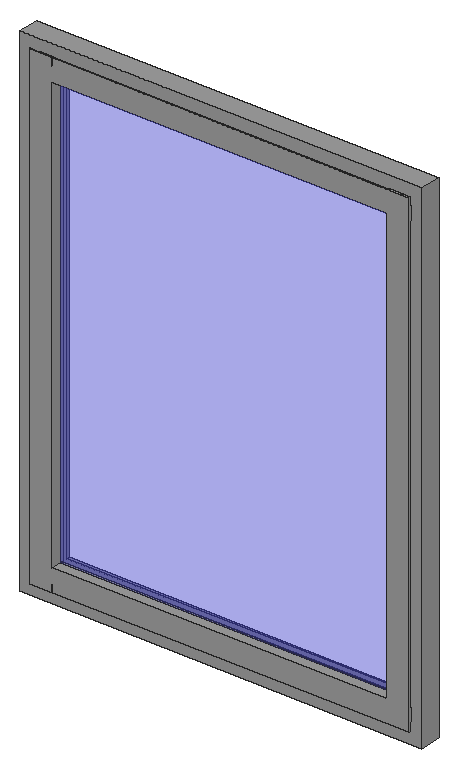
Revit family "12PL IC001_v02", category Windows, host Wall, Revit 2015
Parameters
  Wall Thickness [instance] = 0' - 6"
  URL = "obe.com"
  Rough Width = Width + 0' 0 1/2"  # 4' - 0 1/2"
  Rough Height = Height + 0' 0 1/2"  # 5' - 0 1/2"
  Offset Limitation [instance] = if((Offset + 0' 2 1/2") > Wall Thickness, (Wall Thickness - 0' 2 1/2"), Offset)  # 0' - 0"
  Offset [instance] = 0' - 0"
  Model = "12PL IC001"
  Manufacturer = "Oldcastle BuildingEnvelope®"
  Keynote = "08 51 00"
  Height = 5' - 0"
  Glass Material = Glass
  Frame Material = Aluminum
  Description = "SIGNATURE SERIES 12PL"
  Default Sill Height = 3' - 0"
  Wall Closure = By host
  Width = 4' - 0"
  Construction Type = ""
  Assembly Code = "B2020"
  Analytic Construction = "<None>"
Reference planes (in)
  plane 1 "Center (Front/Back)": y = 0
  plane 2: z = 0
  plane 3 "Center (Left/Right)": x = 0
  plane 4 "Left": x = -24.25
  plane 5 "Right": x = 24.25
  plane 6 "Sill": z = 36
  plane 7 "Top": z = 96.5
  plane 8: x = 24
  plane 9: x = -24
  plane 10: z = 96.25
  plane 11: z = 36.25
  plane 12 "Offset": y = 3
  plane 13: z = 92.9995
  plane 14: z = 39.5005
  plane 15: z = 66.25
  plane 16 "INT": y = 1.53125
Forms (in)
  Sweep 1, solid, material "Aluminum" <- "Frame Material"
    path origin (0, 3, 0) x (1, 0, 0) y (0, 0, 1)
      loop
        line (-24, 95.125) -> (-24, 37.375)
    profile origin (-24, 3, 66.25) x (0, -1, 0) y (1, 0, 0)
      loop
        line (2.75, 1.125) -> (2.75, 3.751) -> (1.46875, 3.751) -> (1.46875, 3.2505) -> (0.46875, 3.2505) -> (0.46875, 3.7505) -> (0.1875, 3.7505) -> (0.1875, 2.063) -> (2.65625, 2.063) -> (2.65625, 1.125) -> (2.75, 1.125)
  Sweep 2, solid, material "Aluminum" <- "Frame Material"
    path origin (0, 3, 0) x (-1, 0, 0) y (0, 0, 1)
      loop
        line (-24, 95.125) -> (-24, 37.375)
    profile origin (24, 3, 66.25) x (0, -1, 0) y (1, 0, 0)
      loop
        line (2.75, -1.125) -> (2.65625, -1.125) -> (2.65625, -2.063) -> (0.1875, -2.063) -> (0.1875, -3.7505) -> (0.46875, -3.7505) -> (0.46875, -3.2505) -> (1.46875, -3.2505) -> (1.46875, -3.751) -> (2.75, -3.751) -> (2.75, -1.125)
  Sweep 3, solid, material "Aluminum" <- "Frame Material"
    path origin (0, 3, 0) x (1, 0, 0) y (0, 0, 1)
      loop
        line (-22.875, 36.25) -> (22.875, 36.25)
    profile origin (0, 3, 36.25) x (0, 0, 1) y (0, -1, 0)
      loop
        line (2.063, 0.1875) -> (3.7505, 0.1875) -> (3.7505, 0.46875) -> (3.2505, 0.46875) -> (3.2505, 1.46875) -> (3.751, 1.46875) -> (3.751, 2.75) -> (1.125, 2.75) -> (1.125, 2.65625) -> (2.063, 2.65625) -> (2.063, 0.1875)
  Sweep 4, solid, material "Aluminum" <- "Frame Material"
    path origin (0, 3, 0) x (1, 0, 0) y (0, 0, 1)
      loop
        line (-22.875, 96.25) -> (22.875, 96.25)
    profile origin (0, 3, 96.25) x (0, 0, 1) y (0, -1, 0)
      loop
        line (-3.2505, 0.46875) -> (-3.7505, 0.46875) -> (-3.7505, 0.1875) -> (-2.063, 0.1875) -> (-2.063, 2.65625) -> (-1.125, 2.65625) -> (-1.125, 2.75) -> (-3.7505, 2.75) -> (-3.7505, 1.46875) -> (-3.2505, 1.46875) -> (-3.2505, 0.46875)
  Extrusion 5, solid, material "Glass" <- "Glass Material", detail levels coarse
    sketch origin (0, 0, 36) x (0, -1, 0) y (1, 0, 0)
      loop
        line (-2.53125, -20.7495) -> (-1.53125, -20.7495) -> (-1.53125, 20.7495) -> (-2.53125, 20.7495) -> (-2.53125, -20.7495)
    from 3.5005 to 56.9995
  Extrusion 6, solid, material "Glass" <- "Glass Material", detail levels medium+fine
    sketch origin (0, 0, 36) x (0, -1, 0) y (1, 0, 0)
      loop
        line (-2.53125, -20.7495) -> (-2.29395, -20.7495) -> (-2.29395, 20.7495) -> (-2.53125, 20.7495) -> (-2.53125, -20.7495)
      loop
        line (-1.78125, 20.7495) -> (-1.78125, -20.7495) -> (-1.53125, -20.7495) -> (-1.53125, 20.7495) -> (-1.78125, 20.7495)
    from 3.5005 to 56.9995
  Sweep 7, solid, material "Aluminum" <- "Frame Material"
    path origin (0, 3, 0) x (1, 0, 0) y (0, 0, 1)
      loop
        line (24.25, 96.25) -> (-24.25, 96.25)
    profile origin (0, 3, 96.25) x (0, 0, -1) y (0, -1, 0)
      loop
        line (-0.25, 0) -> (2.25, 0) -> (2.25, 0.09375) -> (1.375, 0.09375) -> (1.375, 2.5) -> (-0.25, 2.5) -> (-0.25, 0)
  Sweep 8, solid, material "Aluminum" <- "Frame Material"
    path origin (0, 3, 0) x (1, 0, 0) y (0, 0, 1)
      loop
        line (24.25, 36.25) -> (-24.25, 36.25)
    profile origin (0, 3, 36.25) x (0, 0, -1) y (0, -1, 0)
      loop
        line (0.25, 2.5) -> (-1.375, 2.5) -> (-1.375, 0.09375) -> (-2.25, 0.09375) -> (-2.25, 0) -> (0.25, 0) -> (0.25, 2.5)
  Sweep 9, solid, material "Aluminum" <- "Frame Material"
    path origin (0, 3, 0) x (1, 0, 0) y (0, 0, 1)
      loop
        line (24, 36) -> (24, 96.5)
    profile origin (24, 3, 66.25) x (-1, 0, 0) y (0, -1, 0)
      loop
        line (2.25, 0) -> (2.25, 0.09375) -> (1.375, 0.09375) -> (1.375, 2.5) -> (-0.25, 2.5) -> (-0.25, 0) -> (2.25, 0)
  Sweep 10, solid, material "Aluminum" <- "Frame Material"
    path origin (0, 3, 0) x (1, 0, 0) y (0, 0, 1)
      loop
        line (-24, 96.5) -> (-24, 36)
    profile origin (-24, 3, 66.25) x (0, -1, 0) y (1, 0, 0)
      loop
        line (0, 2.25) -> (0, -0.25) -> (2.5, -0.25) -> (2.5, 1.375) -> (0.09375, 1.375) -> (0.09375, 2.25) -> (0, 2.25)
Cuts and joins
  joined: Sweep 1, Sweep 2, Sweep 3, Sweep 4
  joined: Sweep 7, Sweep 8, Sweep 9, Sweep 10
Lines and regions (in)
  Opening 1
    outline origin (-60, -3, 0) x (1, 0, 0) y (0, 0, 1)
      loop
        line (35.75, 96.5) -> (35.75, 36) -> (84.25, 36) -> (84.25, 96.5) -> (35.75, 96.5)
  model lines, style "Opening Directioon"
    curve 1: line (20.2495, 1.53125, 92.4995) -> (-20.249, 1.53125, 66.25)
    curve 2: line (-20.249, 1.53125, 66.25) -> (20.249, 1.53125, 40.001)
Text (in)
  text "EXTERIOR" at (-58.6888, 70.90694, 0), in view "Ref. Level"
  text "INTERIOR" at (-58.6888, -57.76638, 0), in view "Ref. Level"
  text "Exterior" at (0, 43.65631, 123.19604), in view "Left"
  text "Exterior" at (0, 18.29385, 125.04747), in view "Right"
  text "Min Size\n\n18\" width x 18\" height\n\n\n\nMax Size\n\n48\" x 84\"\n\n\n\nMax Operable Area\n\n21 square feet\n\n\n\nOperable Width must be less than or equal to height." at (92.63041, 70.90694, 0), in view "Ref. Level"
Dimensions and locks (in)
  equal spacing: plane 4 "Left", plane 3 "Center (Left/Right)", plane 5 "Right"
  "Rough Height": plane 6 "Sill" to plane 7 "Top"
  "Default Sill Height": plane 2 to plane 6 "Sill"
  locked: plane 6 "Sill" to plane 11 at 0.25
  locked: plane 8 to plane 5 "Right" at 0.25
  "Height": plane 11 to plane 10
  "Offset Limitation": plane 12 "Offset" to host wall
  "Wall Thickness": host wall to host wall
  "Width": plane 9 to plane 8
  "Rough Width": plane 4 "Left" to plane 5 "Right"
  plane 12 "Offset" to Extrusion 5 sketch curve to Extrusion 5 sketch curve = 0' - 0 15/32" locked, 0' - 1" locked
  locked: plane 13 to plane 10 at 3.2505
  locked: plane 11 to plane 14 at 3.2505
  locked: plane 11 to Sweep 2 sketch curve at 1.125
  locked: Sweep 2 sketch curve to plane 10 at 1.125
  locked: Sweep 4 sketch curve to plane 8 at 1.125
  locked: plane 9 to Sweep 4 sketch curve at 1.125
  locked: Sweep 1 sketch curve to plane 10 at 1.125
  locked: plane 11 to Sweep 1 sketch curve at 1.125
  locked: Sweep 3 sketch curve to plane 8 at 1.125
  locked: plane 9 to Sweep 3 sketch curve at 1.125
  equal spacing: plane 6 "Sill", plane 15, plane 7 "Top"
  Extrusion 6 sketch curve to Extrusion 6 sketch curve to Extrusion 6 sketch curve to Extrusion 6 sketch curve to plane 12 "Offset" = 0' - 0 1/4" locked, 0' - 0.5127" locked, 0' - 0.2373" locked, 0' - 0 15/32" locked
  locked: plane 16 "INT" to plane 12 "Offset" at 1.46875
  aligned and locked: plane 7 "Top" to Opening 1 sketch curve
  aligned and locked: plane 6 "Sill" to Opening 1 sketch curve  (x2)
  aligned and locked: plane 5 "Right" to Opening 1 sketch curve
  aligned and locked: plane 4 "Left" to Opening 1 sketch curve
  aligned and locked: level to plane 2
  aligned and locked: plane 12 "Offset" to nested 1
  aligned and locked: plane 11 to nested 2
  aligned and locked: plane 9 to Sweep 1 sketch curve
  aligned and locked: Sweep 2 sketch curve to plane 8
  aligned and locked: plane 11 to Sweep 3 sketch curve
  aligned and locked: plane 10 to Sweep 4 sketch curve
  aligned and locked: plane 14 to Extrusion 5
  aligned and locked: Extrusion 5 to plane 13
  aligned and locked: plane 11 to nested 1
  aligned and locked: plane 3 "Center (Left/Right)" to nested 2
  aligned and locked: plane 12 "Offset" to nested 2
  aligned and locked: plane 14 to Extrusion 6
  aligned and locked: Extrusion 6 to plane 13
  aligned and locked: plane 10 to Sweep 7 sketch curve
  aligned and locked: plane 11 to Sweep 8 sketch curve
  aligned and locked: plane 8 to Sweep 9 sketch curve
  aligned and locked: Sweep 10 sketch curve to plane 9
  aligned and locked: plane 4 "Left" to Sweep 7 sketch curve
  aligned and locked: plane 5 "Right" to Sweep 7 sketch curve
  aligned and locked: plane 7 "Top" to Sweep 9 sketch curve
  aligned and locked: plane 6 "Sill" to Sweep 9 sketch curve
  aligned and locked: plane 5 "Right" to Sweep 8 sketch curve
  aligned and locked: plane 4 "Left" to Sweep 8 sketch curve
  aligned and locked: plane 6 "Sill" to Sweep 10 sketch curve
  aligned and locked: plane 7 "Top" to Sweep 10 sketch curve
  aligned and locked: plane 15 to curve 2
  aligned and locked: plane 3 "Center (Left/Right)" to nested 1
Automatic sketch dimensions
  Sweep 1 sketch curve to Sweep 1 sketch curve = 0' - 0 9/32"
  Sweep 1 sketch curve to Sweep 1 sketch curve = 0' - 1"
  Sweep 1 sketch curve to profile plane = 0' - 1 1/8"
  Sweep 1 sketch curve to Sweep 1 sketch curve = 0' - 1 3/16"  (x2)
  Sweep 1 sketch curve to Sweep 1 sketch curve = 0' - 0 1/2"
  Sweep 1 sketch curve to Sweep 1 sketch curve = 0' - 0.5005"
  plane 12 "Offset" to Sweep 2 sketch curve = 0' - 0 3/16"
  Sweep 2 sketch curve to Sweep 2 sketch curve = 0' - 0 9/32"
  Sweep 2 sketch curve to Sweep 2 sketch curve = 0' - 1"
  profile plane to Sweep 2 sketch curve = 0' - 1 1/8"
  Sweep 2 sketch curve to Sweep 2 sketch curve = 0' - 1 3/16"  (x2)
  Sweep 2 sketch curve to Sweep 2 sketch curve = 0' - 0 1/2"
  Sweep 2 sketch curve to Sweep 2 sketch curve = 0' - 0.5005"
  Sweep 3 sketch curve to Sweep 3 sketch curve = 0' - 0 1/2"
  Sweep 3 sketch curve to Sweep 3 sketch curve = 0' - 1"
  Sweep 3 sketch curve to Sweep 3 sketch curve = 0' - 0.0005"
  Sweep 3 sketch curve to profile plane = 0' - 1 1/8"
  Sweep 3 sketch curve to Sweep 3 sketch curve = 0' - 0 3/32"
  plane 12 "Offset" to Sweep 3 sketch curve = 0' - 0 15/32"
  plane 12 "Offset" to Sweep 4 sketch curve = 0' - 1 15/32"
  Sweep 4 sketch curve to Sweep 4 sketch curve = 0' - 0 1/2"  (x2)
  profile plane to Sweep 4 sketch curve = 0' - 1 1/8"
  Sweep 4 sketch curve to Sweep 4 sketch curve = 0' - 1 3/16"  (x2)
  Sweep 4 sketch curve to Sweep 4 sketch curve = 0' - 0 3/32"
  Sweep 4 sketch curve to Sweep 4 sketch curve = 0' - 0 9/32"
  Extrusion 5 sketch curve to plane 9 = 0' - 3.2505"
  plane 8 to Extrusion 5 sketch curve = 0' - 3.2505"
  Extrusion 6 sketch curve to plane 9 = 0' - 3.2505"
  Extrusion 6 sketch curve to Extrusion 6 sketch curve = 0' - 0"  (x2)
  plane 8 to Extrusion 6 sketch curve = 0' - 3.2505"
  plane 12 "Offset" to Sweep 4 sketch curve = 0' - 0 3/16"
  Sweep 4 sketch curve to Sweep 4 sketch curve = 0' - 0.938"
  Sweep 7 sketch curve to plane 12 "Offset" = 0' - 0"
  profile plane to Sweep 7 sketch curve = 0' - 0 1/4"
  Sweep 7 sketch curve to profile plane = 0' - 1 3/8"
  Sweep 7 sketch curve to Sweep 7 sketch curve = 0' - 0 7/8"
  Sweep 7 sketch curve to Sweep 7 sketch curve = 0' - 0 3/32"
  Sweep 7 sketch curve to Sweep 7 sketch curve = 0' - 2 13/32"
  Sweep 3 sketch curve to Sweep 3 sketch curve = 0' - 1 9/32"
  plane 12 "Offset" to Sweep 3 sketch curve = 0' - 0 3/16"
  Sweep 3 sketch curve to Sweep 3 sketch curve = 0' - 1 3/16"
  Sweep 3 sketch curve to Sweep 3 sketch curve = 0' - 0.938"
  Sweep 8 sketch curve to plane 12 "Offset" = 0' - 0"
  Sweep 8 sketch curve to profile plane = 0' - 0 1/4"
  profile plane to Sweep 8 sketch curve = 0' - 1 3/8"
  Sweep 8 sketch curve to Sweep 8 sketch curve = 0' - 2 13/32"
  Sweep 8 sketch curve to Sweep 8 sketch curve = 0' - 0 3/32"
  Sweep 8 sketch curve to Sweep 8 sketch curve = 0' - 0 7/8"
  Sweep 2 sketch curve to Sweep 2 sketch curve = 0' - 0 3/32"
  Sweep 2 sketch curve to Sweep 2 sketch curve = 0' - 0.938"
  plane 12 "Offset" to Sweep 1 sketch curve = 0' - 0 3/16"
  Sweep 1 sketch curve to Sweep 1 sketch curve = 0' - 0 3/32"
  Sweep 1 sketch curve to Sweep 1 sketch curve = 0' - 0.938"
  plane 12 "Offset" to Sweep 9 sketch curve = 0' - 0"
  profile plane to Sweep 9 sketch curve = 0' - 0 1/4"
  plane 12 "Offset" to Sweep 9 sketch curve = 0' - 0 3/32"
  Sweep 9 sketch curve to profile plane = 0' - 1 3/8"
  Sweep 9 sketch curve to Sweep 9 sketch curve = 0' - 0 7/8"
  Sweep 9 sketch curve to Sweep 9 sketch curve = 0' - 2 13/32"
  Sweep 10 sketch curve to profile plane = 0' - 1 3/8"
  profile plane to Sweep 10 sketch curve = 0' - 0 1/4"
  Sweep 10 sketch curve to Sweep 10 sketch curve = 0' - 0 3/32"
  Sweep 10 sketch curve to Sweep 10 sketch curve = 0' - 2 13/32"
  Sweep 10 sketch curve to Sweep 10 sketch curve = 0' - 0 7/8"
  plane 12 "Offset" to Sweep 10 sketch curve = 0' - 0"
  curve 1 to plane 9 = 0' - 3.751"
  curve 2 to plane 14 = 0' - 0.5005"
  plane 8 to curve 2 = 0' - 3.751"
  plane 13 to curve 1 = 0' - 0 1/2"
  plane 8 to curve 1 = 0' - 3.7505"
Nested families (in)
  nested 1: "S-12PL-Plan View" at (0, 3, 0.25), Default Sill Height <- "Default Sill Height", Height <- "Height", Width <- "Width", type "S-12PL-Plan View"
    with Width 4' - 0", Height 5' - 0", Default Sill Height 3' - 0"
  nested 2: "S-12PL-Section Operable" at (0, 3, 0.25), Default Sill Height <- "Default Sill Height", Height <- "Height", Width <- "Width", type "S-12PL-Section Operable"
    with Width 4' - 0", Height 5' - 0", Default Sill Height 3' - 0"
Definition of nested family "S-12PL-Plan View"
  Parameters (values of type "S-12PL-Plan View")
    Width [instance] = 3' - 0"
    Height [instance] = 4' - 0"
    Default Sill Height [instance] = 3' - 0"
    Analytic Construction = "<None>"
  Reference planes (in)
    plane 1 "Center (Front/Back)": y = 0
    plane 2: z = 0
    plane 3 "Center (Left/Right)": x = 0
    plane 4: z = 36
  Lines and regions (in)
    model lines, not visible
      curve 1: line (0, 0, 36) -> (0, 0, 84)
  Dimensions and locks (in)
    "Default Sill Height": plane 4 to plane 2
    "Height": plane 4 to curve 1
    aligned and locked: plane 2 to level
    aligned and locked: plane 3 "Center (Left/Right)" to nested 1
    aligned and locked: plane 1 "Center (Front/Back)" to nested 1
    aligned and locked: plane 1 "Center (Front/Back)" to curve 1
    aligned and locked: plane 4 to curve 1
  Nested families (in)
    nested 1: "S-12PL-Plan View" at (-12, 0, 0), Width <- "Width", type "S-12PL-Plan View"
      with Width 3' - 0"
  Definition of nested family "S-12PL-Plan View"
    Parameters (values of type "S-12PL-Plan View")
      Width [instance] = 2' - 0"
    Reference planes (in)
      plane 1 "Center (Front/Back)": y = 0
      plane 2: z = 0
      plane 3 "Left": x = 0
      plane 4: x = 24
      plane 5: x = 20.7495
      plane 6: x = 3.2505
      plane 7 "Center (Left/Right)": x = 12
    Lines and regions (in)
      detail lines, in view "Ref. Level"
        curve 1: line (3.2505, -0.46875, 0) -> (20.7495, -0.46875, 0)
        curve 10: line (3.2505, -1.46875, 0) -> (20.7495, -1.46875, 0)
      detail lines, in view "Ref. Level", detail levels fine
        curve 2: line (3.2505, -0.52605, 0) -> (20.7495, -0.52605, 0)
        curve 3: line (3.2505, -0.58605, 0) -> (20.7495, -0.58605, 0)
        curve 4: line (3.2505, -0.64605, 0) -> (20.7495, -0.64605, 0)
        curve 7: line (3.2505, -1.28875, 0) -> (20.7495, -1.28875, 0)
        curve 8: line (3.2505, -1.34875, 0) -> (20.7495, -1.34875, 0)
        curve 9: line (3.2505, -1.40875, 0) -> (20.7495, -1.40875, 0)
      detail lines, in view "Ref. Level", detail levels medium+fine
        curve 5: line (3.2505, -0.70605, 0) -> (20.7495, -0.70605, 0)
        curve 6: line (3.2505, -1.21875, 0) -> (20.7495, -1.21875, 0)
    Dimensions and locks (in)
      "Width": plane 3 "Left" to plane 4
      locked: plane 3 "Left" to plane 6 at 3.2505
      locked: plane 5 to plane 4 at 3.2505
      equal spacing: plane 3 "Left", plane 7 "Center (Left/Right)", plane 4
      aligned and locked: nested 2 to plane 3 "Left"
      aligned and locked: nested 2 to plane 1 "Center (Front/Back)"
      aligned and locked: nested 1 to plane 4
      aligned and locked: nested 1 to plane 1 "Center (Front/Back)"
      aligned and locked: plane 6 to curve 1
      aligned and locked: plane 5 to curve 1
    Automatic sketch dimensions
      curve 10 to plane 6 = 0' - 0"
      curve 2 to plane 6 = 0' - 0"
      curve 9 to plane 6 = 0' - 0"
      curve 3 to plane 6 = 0' - 0"
      curve 8 to plane 6 = 0' - 0"
      curve 4 to plane 6 = 0' - 0"
      curve 7 to plane 6 = 0' - 0"
      curve 5 to plane 6 = 0' - 0"
      curve 6 to plane 6 = 0' - 0"
      curve 5 to plane 5 = 0' - 0"
      curve 6 to plane 5 = 0' - 0"
      curve 4 to plane 5 = 0' - 0"
      curve 7 to plane 5 = 0' - 0"
      curve 3 to plane 5 = 0' - 0"
      curve 8 to plane 5 = 0' - 0"
      curve 2 to plane 5 = 0' - 0"
      curve 9 to plane 5 = 0' - 0"
      curve 10 to plane 5 = 0' - 0"
      plane 1 "Center (Front/Back)" to curve 10 = 0' - 1 15/32"
      curve 10 to curve 9 = 0' - 0.06"
      curve 9 to curve 8 = 0' - 0.06"
      curve 8 to curve 7 = 0' - 0.06"
      curve 7 to curve 6 = 0' - 0.07"
      curve 6 to curve 5 = 0' - 0.5127"
      curve 5 to curve 4 = 0' - 0.06"
      curve 4 to curve 3 = 0' - 0.06"
      curve 3 to curve 2 = 0' - 0.06"
      curve 2 to curve 1 = 0' - 0.0573"
    Nested families (in)
      nested 1: "S-12PL-JAMB L" at (24, 0, 0) x (-1, 0, 0) z (0, 0, 1), type "S-12PL-JAMB L", in view "Ref. Level"
      nested 2: "S-12PL-JAMB R" at (0, 0, 0) x (-1, 0, 0) z (0, 0, 1), type "S-12PL-JAMB R", in view "Ref. Level"
    Definition of nested family "S-12PL-JAMB L"
      Reference planes (in)
        plane 1 "Center (Front/Back)": y = 0
        plane 2: z = 0
        plane 3 "Center (Left/Right)": x = 0
      Lines and regions (in)
        detail lines, in view "Ref. Level"
          curve 1: line (3.751, 2.75, 0) -> (1.125, 2.75, 0)
          curve 2: line (1.125, 2.75, 0) -> (1.125, 2.5, 0)
          curve 3: line (1.125, 2.5, 0) -> (-0.25, 2.5, 0)
          curve 4: line (-0.25, 2.5, 0) -> (-0.25, 0, 0)
          curve 5: line (-0.25, 0, 0) -> (2.25, 0, 0)
          curve 6: line (2.25, 0, 0) -> (2.25, 0.1875, 0)
          curve 7: line (2.25, 0.1875, 0) -> (3.7505, 0.1875, 0)
          curve 8: line (3.7505, 0.1875, 0) -> (3.7505, 0.46875, 0)
          curve 9: line (3.7505, 0.46875, 0) -> (3.2505, 0.46875, 0)
          curve 10: line (3.2505, 0.46875, 0) -> (3.2505, 1.46875, 0)
          curve 11: line (3.2505, 1.46875, 0) -> (3.751, 1.46875, 0)
          curve 12: line (3.751, 1.46875, 0) -> (3.751, 2.75, 0)
    Definition of nested family "S-12PL-JAMB R"
      Reference planes (in)
        plane 1 "Center (Front/Back)": y = 0
        plane 2: z = 0
        plane 3 "Center (Left/Right)": x = 0
      Lines and regions (in)
        detail lines, in view "Ref. Level"
          curve 1: line (-3.751, 2.75, 0) -> (-1.125, 2.75, 0)
          curve 2: line (-1.125, 2.75, 0) -> (-1.125, 2.5, 0)
          curve 3: line (-1.125, 2.5, 0) -> (0.25, 2.5, 0)
          curve 4: line (0.25, 2.5, 0) -> (0.25, 0, 0)
          curve 5: line (0.25, 0, 0) -> (-2.25, 0, 0)
          curve 6: line (-2.25, 0, 0) -> (-2.25, 0.1875, 0)
          curve 7: line (-2.25, 0.1875, 0) -> (-3.7505, 0.1875, 0)
          curve 8: line (-3.7505, 0.1875, 0) -> (-3.7505, 0.46875, 0)
          curve 9: line (-3.7505, 0.46875, 0) -> (-3.2505, 0.46875, 0)
          curve 10: line (-3.2505, 0.46875, 0) -> (-3.2505, 1.46875, 0)
          curve 11: line (-3.2505, 1.46875, 0) -> (-3.751, 1.46875, 0)
          curve 12: line (-3.751, 1.46875, 0) -> (-3.751, 2.75, 0)
Definition of nested family "S-12PL-Section Operable"
  Parameters (values of type "S-12PL-Section Operable")
    Width [instance] = 3' - 0"
    Height [instance] = 4' - 0"
    Default Sill Height [instance] = 3' - 0"
    Analytic Construction = "<None>"
  Reference planes (in)
    plane 1 "Center (Front/Back)": y = 0
    plane 2: z = 0
    plane 3 "Center (Left/Right)": x = 0
    plane 4: z = 36
  Lines and regions (in)
    model lines, not visible
      curve 1: line (-18, 0, 0) -> (18, 0, 0)
  Dimensions and locks (in)
    "Default Sill Height": plane 4 to plane 2
    equal spacing: curve 1, plane 3 "Center (Left/Right)", curve 1
    "Width": curve 1 to curve 1
    aligned and locked: plane 2 to level
    aligned and locked: nested 1 to plane 1 "Center (Front/Back)"
    aligned and locked: nested 1 to plane 4
    aligned and locked: plane 1 "Center (Front/Back)" to curve 1
  Nested families (in)
    nested 1: "S-12PL-Section Operable" at (0, 0, 36) x (0, -1, 0) z (1, 0, 0), Height <- "Height", type "S-12PL-Section Operable"
      with Height 4' - 0"
  Definition of nested family "S-12PL-Section Operable"
    Parameters (values of type "S-12PL-Section Operable")
      Height [instance] = 3' - 0"
    Reference planes (in)
      plane 1 "Center (Front/Back)": y = 0
      plane 2: z = 0
      plane 3 "Center (Left/Right)": x = 0
      plane 4: y = 36
      plane 5: y = 32.7495
      plane 6: y = 3.2505
    Lines and regions (in)
      detail lines, in view "Ref. Level"
        curve 1: line (0.46875, 3.2505, 0) -> (0.46875, 32.7495, 0)
        curve 10: line (1.46875, 3.2505, 0) -> (1.46875, 32.7495, 0)
      detail lines, in view "Ref. Level", detail levels fine
        curve 2: line (0.52875, 3.2505, 0) -> (0.52875, 32.7495, 0)
        curve 3: line (0.58875, 3.2505, 0) -> (0.58875, 32.7495, 0)
        curve 4: line (0.64875, 3.2505, 0) -> (0.64875, 32.7495, 0)
        curve 7: line (1.29145, 3.2505, 0) -> (1.29145, 32.7495, 0)
        curve 8: line (1.35145, 3.2505, 0) -> (1.35145, 32.7495, 0)
        curve 9: line (1.41145, 3.2505, 0) -> (1.41145, 32.7495, 0)
      detail lines, in view "Ref. Level", detail levels medium+fine
        curve 5: line (0.71875, 3.2505, 0) -> (0.71875, 32.7495, 0)
        curve 6: line (1.23145, 3.2505, 0) -> (1.23145, 32.7495, 0)
    Dimensions and locks (in)
      "Height": plane 1 "Center (Front/Back)" to plane 4
      locked: plane 6 to plane 1 "Center (Front/Back)" at 3.2505
      locked: plane 4 to plane 5 at 3.2505
      aligned and locked: plane 1 "Center (Front/Back)" to nested 2
      aligned and locked: nested 1 to plane 4
      aligned and locked: plane 6 to curve 1
      aligned and locked: plane 5 to curve 1
      aligned and locked: plane 3 "Center (Left/Right)" to nested 2
      aligned and locked: plane 3 "Center (Left/Right)" to nested 1
    Automatic sketch dimensions
      curve 2 to plane 5 = 0' - 0"
      curve 2 to plane 6 = 0' - 0"
      curve 3 to plane 6 = 0' - 0"
      curve 3 to plane 5 = 0' - 0"
      curve 4 to plane 5 = 0' - 0"
      curve 4 to plane 6 = 0' - 0"
      curve 5 to plane 5 = 0' - 0"
      curve 5 to plane 6 = 0' - 0"
      curve 6 to plane 6 = 0' - 0"
      curve 6 to plane 5 = 0' - 0"
      curve 7 to plane 5 = 0' - 0"
      curve 7 to plane 6 = 0' - 0"
      curve 8 to plane 5 = 0' - 0"
      curve 8 to plane 6 = 0' - 0"
      curve 9 to plane 5 = 0' - 0"
      curve 9 to plane 6 = 0' - 0"
      curve 10 to plane 5 = 0' - 0"
      curve 10 to plane 6 = 0' - 0"
      plane 3 "Center (Left/Right)" to curve 1 = 0' - 0 15/32"
      curve 1 to curve 2 = 0' - 0.06"
      curve 2 to curve 3 = 0' - 0.06"
      curve 3 to curve 4 = 0' - 0.06"
      curve 4 to curve 5 = 0' - 0.07"
      curve 5 to curve 6 = 0' - 0.5127"
      curve 6 to curve 7 = 0' - 0.06"
      curve 7 to curve 8 = 0' - 0.06"
      curve 8 to curve 9 = 0' - 0.06"
      curve 9 to curve 10 = 0' - 0.0573"
    Nested families (in)
      nested 1: "S-12PL-HEAD" at (0, 36, 0), type "S-12PL-HEAD", in view "Ref. Level"
      nested 2: "S-12PL-SILL" at (0, 0, 0), type "S-12PL-SILL", in view "Ref. Level"
    Definition of nested family "S-12PL-HEAD"
      Reference planes (in)
        plane 1 "Center (Front/Back)": y = 0
        plane 2: z = 0
        plane 3 "Center (Left/Right)": x = 0
      Lines and regions (in)
        detail lines, in view "Ref. Level"
          curve 1: line (1.46875, -3.751, 0) -> (2.75, -3.751, 0)
          curve 2: line (2.75, -3.751, 0) -> (2.75, -1.125, 0)
          curve 3: line (2.75, -1.125, 0) -> (2.5, -1.125, 0)
          curve 4: line (2.5, -1.125, 0) -> (2.5, 0, 0)
          curve 5: line (2.5, 0, 0) -> (2.5, 0.25, 0)
          curve 6: line (2.5, 0.25, 0) -> (0, 0.25, 0)
          curve 7: line (0, 0.25, 0) -> (0, -2.25, 0)
          curve 8: line (0, -2.25, 0) -> (0.1875, -2.25, 0)
          curve 9: line (0.1875, -2.25, 0) -> (0.1875, -3.7505, 0)
          curve 10: line (0.1875, -3.7505, 0) -> (0.46875, -3.7505, 0)
          curve 11: line (0.46875, -3.7505, 0) -> (0.46875, -3.2505, 0)
          curve 12: line (0.46875, -3.2505, 0) -> (1.46875, -3.2505, 0)
          curve 13: line (1.46875, -3.2505, 0) -> (1.46875, -3.751, 0)
    Definition of nested family "S-12PL-SILL"
      Reference planes (in)
        plane 1 "Center (Front/Back)": y = 0
        plane 2: z = 0
        plane 3 "Center (Left/Right)": x = 0
      Lines and regions (in)
        detail lines, in view "Ref. Level"
          curve 1: line (1.46875, 3.7505, 0) -> (2.734, 3.7505, 0)
          curve 2: line (2.734, 3.7505, 0) -> (2.75, 2.876, 0)
          curve 3: line (2.75, 2.876, 0) -> (2.75, 1.125, 0)
          curve 4: line (2.75, 1.125, 0) -> (2.5, 1.125, 0)
          curve 5: line (2.5, 1.125, 0) -> (2.5, 0, 0)
          curve 6: line (2.5, 0, 0) -> (2.5, -0.25, 0)
          curve 7: line (2.5, -0.25, 0) -> (0, -0.25, 0)
          curve 8: line (0, -0.25, 0) -> (0, 2.25, 0)
          curve 9: line (0, 2.25, 0) -> (0.1875, 2.25, 0)
          curve 10: line (0.1875, 2.25, 0) -> (0.1875, 3.7505, 0)
          curve 11: line (0.1875, 3.7505, 0) -> (0.46875, 3.7505, 0)
          curve 12: line (0.46875, 3.7505, 0) -> (0.46875, 3.2505, 0)
          curve 13: line (0.46875, 3.2505, 0) -> (1.46875, 3.2505, 0)
          curve 14: line (1.46875, 3.2505, 0) -> (1.46875, 3.7505, 0)
